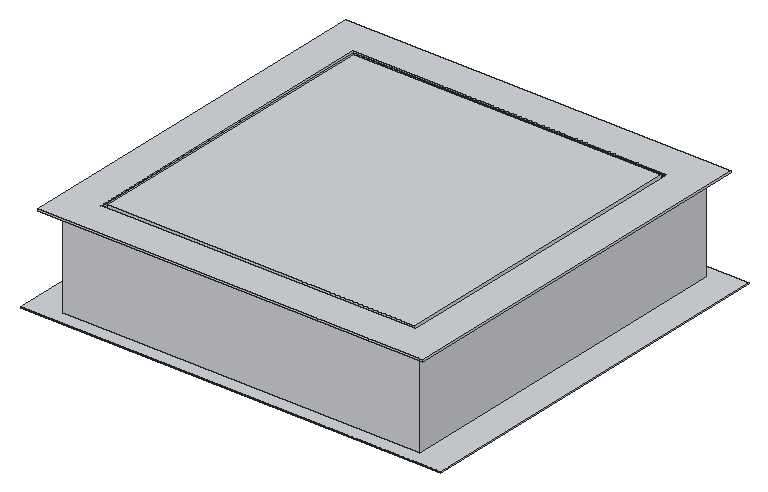
Revit family "Unterflurdose UZD350-3_115-170 mm", category Generic Models, Revit 2015
Parameters (values of type "UZD 115170 350-3")
  URL = "http://www.obo-bettermann.com"
  Size "b" = 383 mm
  Size "a" = 362 mm
  Material = Steel, Galvanized
  Manufacturer Art. No. = "7410047"
  Manufacturer = "OBO Bettermann"
  HeightCalc = if(Height < 115 mm, 115 mm, (if(Height > 170 mm, 170 mm, Height)))  # 115 mm
  Height = 70 mm
  GTIN = "4012195431671"
  Cover Width = 373 mm
  Article Type = "UZD 115170350-3"
  "B" Dimension = 510 mm
  "A" Dimension = 467 mm
Reference planes
  plane 1 "Center (Front/Back)": y = 0
  plane 2: z = 0
  plane 3 "Center (Left/Right)": x = 0
  plane 4: z = 1
  plane 5: x = -255
  plane 6: y = -233.5
  plane 7: x = 255
  plane 8: y = 233.5
  plane 9: y = -217
  plane 10: x = 217
  plane 11: y = 217
  plane 12: x = -217
  plane 13: z = 113
  plane 14: z = 115
  plane 15: x = -233.5
  plane 16: x = 233.5
  plane 17: y = 191.5
  plane 18: x = 191.5
  plane 19: x = -191.5
  plane 20: y = -191.5
  plane 21: z = 111
  plane 22: y = 181
  plane 23: y = -181
  plane 24: x = 181
  plane 25: x = -181
  plane 26: y = -186.5
  plane 27: x = 186.5
  plane 28: y = 186.5
  plane 29: x = -186.5
Forms (mm)
  Extrusion 1, solid
    sketch origin (0, 0, 0) x (1, 0, 0) y (0, 1, 0)
      loop
        line (255, 233.5) -> (-255, 233.5) -> (-255, -233.5) -> (255, -233.5) -> (255, 233.5)
    from 0 to 1
  Extrusion 2, solid
    sketch origin (0, 0, 0) x (1, 0, 0) y (0, 1, 0)
      loop
        line (-217, 217) -> (-217, -217) -> (217, -217) -> (217, 217) -> (-217, 217)
    from 1 to 113
  Extrusion 3, solid
    sketch origin (0, 0, 0) x (1, 0, 0) y (0, 1, 0)
      loop
        line (-233.5, 233.5) -> (-233.5, -233.5) -> (233.5, -233.5) -> (233.5, 233.5) -> (-233.5, 233.5)
    from 113 to 115
  Extrusion 4, void
    sketch origin (0, 0, 0) x (1, 0, 0) y (0, 1, 0)
      loop
        line (-191.5, 191.5) -> (-191.5, -191.5) -> (191.5, -191.5) -> (191.5, 191.5) -> (-191.5, 191.5)
    from 111 to 115
  Extrusion 5, void
    sketch origin (0, 0, 0) x (1, 0, 0) y (0, 1, 0)
      loop
        line (-181, 181) -> (-181, -181) -> (181, -181) -> (181, 181) -> (-181, 181)
    from 1 to 111
  Extrusion 6, solid
    sketch origin (0, 0, 0) x (1, 0, 0) y (0, 1, 0)
      loop
        line (-186.5, 186.5) -> (-186.5, -186.5) -> (186.5, -186.5) -> (186.5, 186.5) -> (-186.5, 186.5)
    from 111 to 115
Cuts and joins
  Extrusion 4, Extrusion 5 cuts Extrusion 1
  Extrusion 4, Extrusion 5 cuts Extrusion 2
  Extrusion 4 cuts Extrusion 3
Lines and regions (mm)
  model lines
    curve 1: line (255, 233.5, 0) -> (-255, 233.5, 0)
    curve 2: line (255, 233.5, 0) -> (255, -233.5, 0)
    curve 3: line (255, -233.5, 0) -> (-255, -233.5, 0)
    curve 4: line (-255, -233.5, 0) -> (-255, 233.5, 0)
    curve 5: line (-217, 217, 0) -> (217, 217, 0)
    curve 6: line (217, 217, 0) -> (217, -217, 0)
    curve 7: line (217, -217, 0) -> (-217, -217, 0)
    curve 8: line (-217, -217, 0) -> (-217, 217, 0)
    curve 9: line (-233.5, 233.5, 0) -> (-233.5, -233.5, 0)
    curve 10: line (233.5, -233.5, 0) -> (233.5, 233.5, 0)
    curve 11: line (-191.5, 191.5, 0) -> (191.5, 191.5, 0)
    curve 12: line (191.5, 191.5, 0) -> (191.5, -191.5, 0)
    curve 13: line (191.5, -191.5, 0) -> (-191.5, -191.5, 0)
    curve 14: line (-191.5, -191.5, 0) -> (-191.5, 191.5, 0)
    curve 15: line (-181, 181, 0) -> (181, 181, 0)
    curve 16: line (181, 181, 0) -> (181, -181, 0)
    curve 17: line (181, -181, 0) -> (-181, -181, 0)
    curve 18: line (-181, -181, 0) -> (-181, 181, 0)
    curve 19: line (-186.5, 186.5, 0) -> (186.5, 186.5, 0)
    curve 20: line (186.5, 186.5, 0) -> (186.5, -186.5, 0)
    curve 21: line (186.5, -186.5, 0) -> (-186.5, -186.5, 0)
    curve 22: line (-186.5, -186.5, 0) -> (-186.5, 186.5, 0)
Dimensions and locks
  locked: level to plane 4 at 1
  equal spacing: plane 6, plane 1 "Center (Front/Back)", plane 8
  ""A" Dimension": plane 6 to plane 8
  equal spacing: plane 5, plane 3 "Center (Left/Right)", plane 7
  ""B" Dimension": plane 5 to plane 7
  locked: plane 13 to plane 14 at 2
  equal spacing: plane 19, plane 3 "Center (Left/Right)", plane 18
  "Size "b"": plane 19 to plane 18
  equal spacing: plane 17, plane 1 "Center (Front/Back)", plane 20
  "Size "b"": plane 17 to plane 20
  "HeightCalc": level to plane 14
  locked: plane 21 to plane 14 at 4
  equal spacing: plane 25, plane 3 "Center (Left/Right)", plane 24
  "Size "a"": plane 25 to plane 24
  equal spacing: plane 22, plane 1 "Center (Front/Back)", plane 23
  "Size "a"": plane 22 to plane 23
  equal spacing: plane 29, plane 3 "Center (Left/Right)", plane 27
  "Cover Width": plane 29 to plane 27
  equal spacing: plane 28, plane 1 "Center (Front/Back)", plane 26
  "Cover Width": plane 28 to plane 26
  locked: plane 11 to plane 8 at 16.5
  locked: plane 9 to plane 6 at 16.5
  locked: plane 10 to plane 7 at 38
  locked: plane 5 to plane 12 at 38
  locked: plane 5 to plane 15 at 21.5
  locked: plane 16 to plane 7 at 21.5
  aligned and locked: level to plane 2
  aligned and locked: plane 7 to curve 2
  aligned and locked: plane 5 to curve 4
  aligned and locked: Extrusion 1 sketch curve to curve 1
  aligned and locked: Extrusion 1 sketch curve to curve 2
  aligned and locked: Extrusion 1 sketch curve to curve 3
  aligned and locked: Extrusion 1 sketch curve to curve 4
  aligned and locked: plane 4 to Extrusion 1
  aligned and locked: plane 11 to curve 5
  aligned and locked: curve 6 to plane 10
  aligned and locked: plane 9 to curve 7
  aligned and locked: curve 8 to plane 12
  aligned and locked: Extrusion 2 sketch curve to curve 5
  aligned and locked: Extrusion 2 sketch curve to curve 6
  aligned and locked: Extrusion 2 sketch curve to curve 7
  aligned and locked: Extrusion 2 sketch curve to curve 8
  aligned and locked: plane 13 to Extrusion 2
  aligned and locked: Extrusion 2 to plane 4
  aligned and locked: curve 9 to plane 15
  aligned and locked: plane 16 to curve 10
  aligned and locked: Extrusion 3 sketch curve to curve 9
  aligned and locked: Extrusion 3 sketch curve to curve 10
  aligned and locked: plane 6 to Extrusion 3 sketch curve
  aligned and locked: Extrusion 3 sketch curve to plane 8
  aligned and locked: Extrusion 3 to plane 13
  aligned and locked: plane 14 to Extrusion 3
  aligned and locked: curve 11 to plane 17
  aligned and locked: curve 12 to plane 18
  aligned and locked: plane 20 to curve 13
  aligned and locked: curve 14 to plane 19
  aligned and locked: Extrusion 1 to level
  aligned and locked: Extrusion 4 sketch curve to curve 11
  aligned and locked: Extrusion 4 sketch curve to curve 12
  aligned and locked: Extrusion 4 sketch curve to curve 13
  aligned and locked: Extrusion 4 sketch curve to curve 14
  aligned and locked: plane 14 to Extrusion 4
  aligned and locked: Extrusion 4 to plane 21
  aligned and locked: curve 15 to plane 22
  aligned and locked: curve 16 to plane 24
  aligned and locked: plane 23 to curve 17
  aligned and locked: curve 18 to plane 25
  aligned and locked: Extrusion 5 sketch curve to curve 15
  aligned and locked: Extrusion 5 sketch curve to curve 18
  aligned and locked: Extrusion 5 sketch curve to curve 17
  aligned and locked: Extrusion 5 sketch curve to curve 16
  aligned and locked: plane 21 to Extrusion 5
  aligned and locked: Extrusion 5 to plane 4
  aligned and locked: curve 19 to plane 28
  aligned and locked: curve 20 to plane 27
  aligned and locked: curve 21 to plane 26
  aligned and locked: curve 22 to plane 29
  aligned and locked: Extrusion 6 sketch curve to curve 19
  aligned and locked: Extrusion 6 sketch curve to curve 22
  aligned and locked: Extrusion 6 sketch curve to curve 21
  aligned and locked: Extrusion 6 sketch curve to curve 20
  aligned and locked: Extrusion 6 to plane 21
  aligned and locked: plane 14 to Extrusion 6
Automatic sketch dimensions
  curve 10 to plane 6 = 0 mm
  plane 8 to curve 9 = 0 mm
